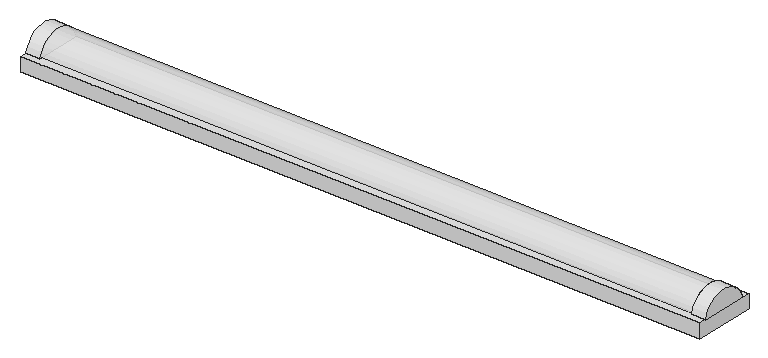
Revit family "LSRK", category Lighting Fixtures, host Face, Revit 2021
Family settings
  Host = Face
  Round Connector Dimension = Use Diameter
  Part Type = Normal
  OmniClass Number = 23.80.70.11
  OmniClass Title = Luminaries for Internal Lighting
  Cut with Voids When Loaded = No
  Light Source = Yes
  Shared = No
  Room Calculation Point = No
Parameters (values of type "LSRK-5W-35LW-FA-EDU")
  zz Width 1 [instance] = if(Channel 4W, 4 1/4", 5")  # 4 1/4"
  Watts = 5 W
  Wattage Comments = "Replaces outdated, non-efficient strip lighting with low wattage, high lumen solutions"  # constant formula
  Wattage = 32.8 W
  Warranty = "Five year warranty"  # constant formula
  built-in parameter 1150110 = 1 (stored number, unit not read)
  Voltage = 120 V
  URL = "https://www.currentlighting.com/columbia"
  built-in parameter 1114217 = 1 (stored number, unit not read)
  Tilt Angle = 90.00°
  built-in parameter 1150109 = 1 (stored number, unit not read)
  built-in parameter 1150134 = (empty or 0)
  built-in parameter 1150113 = 1 (stored number, unit not read)
  Shielding = "Frosted Acrylic Lens with Endcaps"
  Product Page URL = ""
  Product Documentation Link = ""
  Power Factor = 1
  Photometric Web File = "generic.ies"
  Photometric Notes = "More IES files download Photometric Web Link"  # constant formula
  Model = "LSRK"  # constant formula
  Manufacturer = "Columbia Lighting"  # constant formula
  built-in parameter 1150105 = 328.88 (stored number, unit not read)
  Lumens = 4132.8 lm
  built-in parameter 1150115 = 1 (stored number, unit not read)
  Lumen Output = "Low Watt"
  Load Classification = Lighting
  built-in parameter 1150137 = (empty or 0)
  built-in parameter 1150139 = (empty or 0)
  Lenght 8' [instance] = not(Lenght 4')  # no
  Lenght 4' [instance] = yes
  built-in parameter 1150112 = 1 (stored number, unit not read)
  built-in parameter 1150114 = 1 (stored number, unit not read)
  Lamp = "LED"
  Glass = White Glass
  built-in parameter 1150132 = (empty or 0)
  built-in parameter 1150102 = (empty or 0)
  built-in parameter 1150107 = 3500 (stored number, unit not read)
  built-in parameter 1150138 = (empty or 0)
  built-in parameter 1150106 = 3.2888 (stored number, unit not read)
  Emit from Rectangle Width = 2 1/2"  # constant formula
  Emit from Rectangle Length = 47"  # constant formula
  Emit Shape Visible in Rendering = no
  Channel 5W [instance] = not(Channel 4W)  # no
  Channel 4W [instance] = yes
  Mounting = "Wall Mount"
  built-in parameter 1150104 = 11.706 (stored number, unit not read)
  Dimming Lamp Color Temperature Shift = Incandescent Lamp Curve
  Description = "Linear Strip Retrofit Kit / LED"  # constant formula
  Default Elevation = 48"
  Finish = White
  Color Filter = 16777215
  zz Length 1 [instance] = if(Lenght 4', 48", 96")  # 48"
  built-in parameter 1114218 = 1 (stored number, unit not read)
  built-in parameter 1150133 = 10 (stored number, unit not read)
  Apparent Load = Watts / Power Factor  # 5 VA
Reference planes (in)
  plane 1 "Center (Front/Back)": y = 6.16697
  plane 2: z = 0
  plane 3 "Center (Left/Right)": x = 0
  plane 4: z = 1
  plane 5: x = -24
  plane 6: x = 24
  plane 7: x = -23
  plane 8: x = 23
  plane 9: y = 4.04197
  plane 10: y = 8.29197
  plane 11: y = 7.79197
  plane 12: y = 4.54197
  plane 13: y = 7.79197
  plane 14: y = 4.54197
  plane 15: z = 2.23336
  plane 16: z = 0.60836
Forms (in)
  Extrusion 1, solid, material "White" <- "Finish"
    sketch origin (0, 0, 0) x (1, 0, 0) y (0, 1, 0)
      loop
        line (-24, 8.29197) -> (-24, 4.04197) -> (24, 4.04197) -> (24, 8.29197) -> (-24, 8.29197)
    from 0 to 1
  Extrusion 2, solid, material "White" <- "Finish"
    sketch origin (0, 0, 0) x (0, 1, 0) y (0, 0, 1)
      loop
        arc (7.79297, 1.00028) -> (6.16697, 2.23321) -> (4.54097, 1.00028) r 1.68866
        line (4.54097, 1.00028) -> (7.79297, 1.00028)
    from -24 to -23
  Extrusion 3, solid, material "White" <- "Finish"
    sketch origin (0, 0, 0) x (0, 1, 0) y (0, 0, -1)
      loop
        line (7.79297, -1.00028) -> (4.54097, -1.00028)
        arc (4.54097, -1.00028) -> (6.16697, -2.23321) -> (7.79297, -1.00028) r 1.68866
    from -24 to -23
  Extrusion 4, solid, material "White Glass" <- "Glass"
    sketch origin (0, 0, 0) x (0, 1, 0) y (0, 0, 1)
      loop
        arc (7.76057, 1) -> (6.16697, 2.20196) -> (4.57337, 1) r 1.65741
        line (4.57337, 1) -> (4.63848, 1)
        arc (4.63848, 1) -> (6.16697, 2.13946) -> (7.69546, 1) r 1.59491
        line (7.69546, 1) -> (7.76057, 1)
    from -23 to 23
Lines and regions (in)
  reference lines
    curve 1: line (0, 14.66697, -3.25) -> (0, 17.66697, -0.25)
    curve 2: line (0, -2.33303, -3.25) -> (0, 14.66697, -3.25)
    curve 3: line (0, -5.33303, -0.25) -> (0, -2.33303, -3.25)
    curve 4: line (0, 14.66697, -3.25) -> (0, 17.66697, -0.25)
    curve 5: line (0, -5.33303, -0.25) -> (0, 17.66697, -0.25)
    curve 6: line (0, 17.41697, -0.77432) -> (0, 18.16697, -0.77432)
    curve 7: line (0, 17.41697, -1.52432) -> (0, 17.41697, -0.77432)
    curve 8: line (0, 16.93705, -1.52432) -> (0, 17.41697, -1.52432)
    curve 9: line (0, 15.16697, -4.25) -> (0, 16.93705, -1.52432)
    curve 10: line (0, -4.60311, -1.52432) -> (0, -2.83303, -4.25)
    curve 11: line (0, -5.08303, -1.52432) -> (0, -4.60311, -1.52432)
    curve 12: line (0, -5.08303, -0.77432) -> (0, -5.08303, -1.52432)
    curve 13: line (0, -5.83303, -0.77432) -> (0, -5.08303, -0.77432)
Dimensions and locks (in)
  equal spacing: plane 5, plane 3 "Center (Left/Right)", plane 6
  "zz Length 1": plane 5 to plane 6
  locked: plane 5 to plane 7 at 1
  locked: plane 8 to plane 6 at 1
  equal spacing: plane 9, plane 1 "Center (Front/Back)", plane 10
  "zz Width 1": plane 9 to plane 10
  equal spacing: plane 11, plane 1 "Center (Front/Back)", plane 12
  plane 13 to plane 14 = 3 1/4"
  locked: plane 15 to plane 16 at 1.625
  locked: plane 4 to plane 2 at 1
  radius of Extrusion 4 sketch curve = 1.59491"
  radius of Extrusion 4 sketch curve = 1.65741"
  aligned and locked: plane 2 to host face
  aligned and locked: level to host face
  aligned and locked: plane 1 "Center (Front/Back)" to imposter light
  aligned and locked: plane 10 to Extrusion 1 sketch curve
  aligned and locked: plane 5 to Extrusion 1 sketch curve
  aligned and locked: Extrusion 1 sketch curve to plane 9
  aligned and locked: plane 6 to Extrusion 1 sketch curve
  aligned and locked: plane 4 to Extrusion 1
  aligned and locked: Extrusion 2 to plane 5
  aligned and locked: plane 7 to Extrusion 2
  aligned and locked: plane 8 to Extrusion 3
  aligned and locked: Extrusion 3 to plane 6
  aligned and locked: Extrusion 4 to plane 7
  aligned and locked: Extrusion 4 to plane 8
  aligned and locked: plane 3 "Center (Left/Right)" to imposter light
  aligned and locked: imposter light to plane 4
Automatic sketch dimensions
  host sketch curve to host sketch curve = 96"
  host sketch curve to host sketch curve = 85"
  curve 3 to level = 1/4"
  plane 9 to curve 3 = 9 3/8"
  curve 4 to level = 3 1/4"
  curve 3 to curve 12 = 1/4"
  curve 10 to level = 1.52432"
  curve 11 to curve 10 = 0.47992"
  curve 10 to curve 2 = 2.27008"
  curve 4 to plane 10 = 6 3/8"
  curve 1 to curve 8 = 2.27008"
  curve 8 to curve 6 = 0.47992"
  curve 6 to curve 4 = 1/4"
  curve 13 to curve 3 = 1/2"
  curve 10 to curve 2 = 1/2"
  curve 1 to curve 9 = 1/2"
  curve 1 to curve 6 = 1/2"
  curve 8 to curve 1 = 1.27432"
  curve 12 to curve 3 = 0.52432"
  curve 7 to curve 1 = 0.52432"
  curve 9 to curve 1 = 1"
  curve 10 to curve 2 = 1"
  plane 4 to Extrusion 2 sketch curve = 0.00028"
  plane 12 to Extrusion 2 sketch curve = 0.001"
  Extrusion 2 sketch curve to plane 1 "Center (Front/Back)" = 0"
  Extrusion 2 sketch curve to plane 4 = 0.45545"
  plane 4 to Extrusion 3 sketch curve = 0.00028"
  plane 14 to Extrusion 3 sketch curve = 0.001"
  Extrusion 3 sketch curve to plane 1 "Center (Front/Back)" = 0"
  Extrusion 3 sketch curve to plane 4 = 0.45545"
  Extrusion 4 sketch curve to Extrusion 4 sketch curve = 0"  (x2)
  Extrusion 4 sketch curve to plane 4 = 0"  (x2)
  Extrusion 4 sketch curve to plane 1 "Center (Front/Back)" = 0"
  Extrusion 4 sketch curve to Extrusion 4 sketch curve = 0.06511"
Connectors (in)
  electrical at (0, 6.16697, 0), driven by "Power Factor", driven by "Apparent Load", driven by "Voltage"
    settings: on Extrusion 1, index 1, voltage 120 V, apparent load 5 VA, apparent load phase1 0 VA, apparent load phase2 0 VA, apparent load phase3 0 VA, power factor 1, load classification "Other", number of poles 1, system type 30, power factor state 1, is connector primary yes, connector utility no, sub classification motor no, connector description "Lighting Connector"
